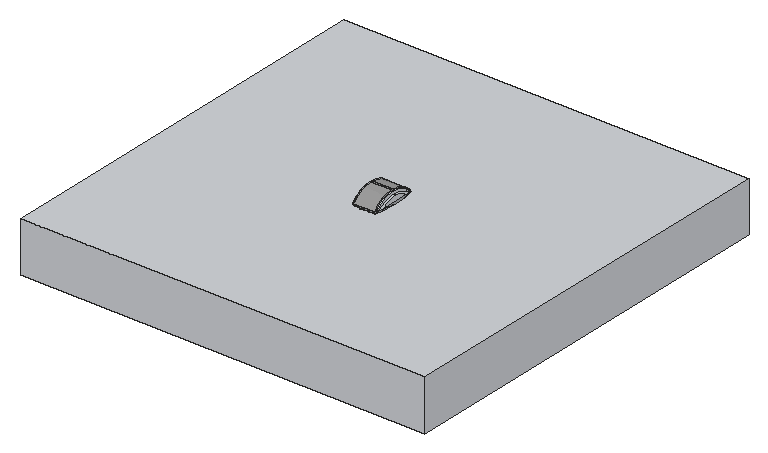
Revit family "r2016_omelta_ariya-ps-5", category Устройства вызова и оповещения, Revit 2016
Family settings
  Основа = Грань
  Сохранять ориентацию аннотаций = Да
  Тип детали = Нормальный
  Размер круглого соединителя = Использовать диаметр
  При загрузке вырезать с полостями = Нет
  Общий = Нет
  Точка расчета площади = Нет
Parameters (values of type "ariya-ps-5")
  Стоимость = 0
  Разработано = "«support@bimlib.ru»"  # constant formula
  Default Elevation = 2600 mm
  Изготовитель = "ООО «Электротехника и Автоматика»"  # constant formula
  Z [instance] = 1000 mm
  Y [instance] = 1100 mm
  X [instance] = 1000 mm
  URL = "https://omelta.com/store/93-ariya_10_5_vt/"
  ADSK_Этаж [instance] = ""
  ADSK_Ток = 0 A
  ADSK_Примечание [instance] = ""
  ADSK_Позиция [instance] = ""
  ADSK_Обозначение [instance] = "АРИЯ-ПС-5"
  ADSK_Номинальная мощность = ADSK_Напряжение * ADSK_Ток  # 0 VA
  ADSK_Напряжение = 100 V
  ADSK_Наименование [instance] = "Система речевого оповещателя, IP 31"
  ADSK_Масса [instance] = 0.5
  ADSK_Марка [instance] = ADSK_Обозначение  # "АРИЯ-ПС-5"
  ADSK_Коэффициент мощности = 0.96
  ADSK_Код изделия [instance] = "ТУ 4372-021-49518441-10"
  ADSK_Классификация нагрузок = none
  ADSK_Завод-изготовитель [instance] = "ООО «Электротехника и Автоматика»"  # constant formula
  ADSK_Единица измерения = "шт."
Reference planes
  plane 1 "По центру (Вперед/Назад)": y = 0
  plane 2: z = 0
  plane 3 "По центру (Влево/Вправо)": x = 0
  plane 4: y = 1000
  plane 5: z = -1000
  plane 6: x = 1000
Forms (mm)
  Extrusion 1, solid
    sketch origin (-0.8, 20.8, 0) x (1, 0, 0) y (0, 1, 0)
      loop
        line (-1219.2, 1219.2) -> (-1219.2, -1219.2) -> (1219.2, -1219.2) -> (1219.2, 1219.2) -> (-1219.2, 1219.2)
    from 0 to -304.8
  Blend 2, solid, detail levels medium+fine
    base sketch origin (-80.033, 133.927, 0) x (1, 0, 0) y (0, 1, 0)
      loop
        line (8.023, -49.804) -> (8.023, -133.991) -> (8.023, -218.177) -> (15.262, -256.501) -> (18.751, -259.991) -> (141.278, -259.991) -> (144.767, -256.501) -> (152.006, -218.177) -> (152.006, -133.991) -> (152.006, -49.804) -> (144.767, -11.48) -> (141.278, -7.991) -> (18.751, -7.991) -> (15.262, -11.48) -> (8.023, -49.804)
    top sketch origin (-80.033, 133.927, 0) x (1, 0, 0) y (0, 1, 0)
      loop
        line (0.023, -49.056) -> (0.023, -218.926) -> (7.859, -260.412) -> (15.438, -267.991) -> (144.591, -267.991) -> (152.17, -260.412) -> (160.006, -218.926) -> (160.006, -49.056) -> (152.17, -7.569) -> (144.591, 0.009) -> (15.438, 0.009) -> (7.859, -7.569) -> (0.023, -49.056)
    from 3 to 18
  Extrusion 3, solid, material "По умолчанию", detail levels medium+fine
    sketch origin (0, 4.096, 0) x (0, 1, 0) y (0, 0, 1)
      loop
        spline (129.968, 18) -> (116.376, 31.625) -> (106.153, 40.75) -> (98.32, 46.831) -> (91.907, 51.307) -> (86.131, 55.114) -> (80.419, 58.613) -> (74.213, 62.135) -> (66.91, 65.973) -> (57.453, 70.023) -> (44.513, 73.941) -> (26.756, 77.383) -> (2.85, 80)
        line (2.85, 80) -> (-11.031, 80)
        spline (-11.031, 80) -> (-34.938, 77.383) -> (-52.695, 73.941) -> (-65.635, 70.023) -> (-75.092, 65.973) -> (-82.395, 62.135) -> (-88.601, 58.613) -> (-94.312, 55.114) -> (-100.089, 51.307) -> (-106.502, 46.831) -> (-114.334, 40.75) -> (-124.558, 31.625) -> (-138.15, 18)
        line (-138.15, 18) -> (-4.091, 18) -> (129.968, 18)
    from -64.3 to 64.3
  Blend 4, solid, detail levels fine
    base sketch origin (0, 4.096, 0) x (0, 1, 0) y (0, 0, 1)
      loop
        line (-4.091, 18) -> (122.261, 18)
        spline (122.261, 18) -> (108.062, 31.496) -> (99.149, 38.955) -> (91.638, 44.484) -> (84.247, 49.219) -> (76.708, 53.194) -> (69.161, 56.615) -> (62.025, 59.81) -> (54.957, 62.965) -> (46.362, 66.021) -> (34.61, 68.877) -> (19.277, 71.102) -> (0.909, 72)
        line (0.909, 72) -> (-4.091, 72) -> (-9.091, 72)
        spline (-9.091, 72) -> (-27.477, 71.109) -> (-42.826, 68.888) -> (-54.59, 66.035) -> (-63.194, 62.979) -> (-70.27, 59.825) -> (-77.415, 56.629) -> (-84.97, 53.208) -> (-92.518, 49.233) -> (-99.918, 44.496) -> (-107.439, 38.965) -> (-116.364, 31.502) -> (-130.582, 18)
        line (-130.582, 18) -> (-4.091, 18)
    top sketch origin (0, 4.096, 0) x (0, 1, 0) y (0, 0, 1)
      loop
        line (2.85, 80) -> (-4.091, 80) -> (-11.031, 80)
        spline (-11.031, 80) -> (-34.938, 77.383) -> (-52.695, 73.941) -> (-65.635, 70.023) -> (-75.092, 65.973) -> (-82.395, 62.135) -> (-88.601, 58.613) -> (-94.312, 55.114) -> (-100.089, 51.307) -> (-106.502, 46.831) -> (-114.334, 40.75) -> (-124.558, 31.625) -> (-138.15, 18)
        line (-138.15, 18) -> (-4.091, 18) -> (129.968, 18)
        spline (129.968, 18) -> (116.376, 31.625) -> (106.153, 40.75) -> (98.32, 46.831) -> (91.907, 51.307) -> (86.131, 55.114) -> (80.419, 58.613) -> (74.213, 62.135) -> (66.91, 65.973) -> (57.453, 70.023) -> (44.513, 73.941) -> (26.756, 77.383) -> (2.85, 80)
    from -72.3 to -64.3
  Blend 5, solid, detail levels fine
    base sketch origin (0, 4.086, 0) x (0, 1, 0) y (0, 0, 1)
      loop
        line (-4.091, 18) -> (122.261, 18)
        spline (122.261, 18) -> (108.062, 31.496) -> (99.149, 38.955) -> (91.638, 44.484) -> (84.247, 49.219) -> (76.708, 53.194) -> (69.161, 56.615) -> (62.025, 59.81) -> (54.957, 62.965) -> (46.362, 66.021) -> (34.61, 68.877) -> (19.277, 71.102) -> (0.909, 72)
        line (0.909, 72) -> (-4.091, 72) -> (-9.091, 72)
        spline (-9.091, 72) -> (-27.477, 71.109) -> (-42.826, 68.888) -> (-54.59, 66.035) -> (-63.194, 62.979) -> (-70.27, 59.825) -> (-77.415, 56.629) -> (-84.97, 53.208) -> (-92.518, 49.233) -> (-99.918, 44.496) -> (-107.439, 38.965) -> (-116.364, 31.502) -> (-130.582, 18)
        line (-130.582, 18) -> (-4.091, 18)
    top sketch origin (0, 4.086, 0) x (0, 1, 0) y (0, 0, 1)
      loop
        line (2.85, 80) -> (-4.091, 80) -> (-11.031, 80)
        spline (-11.031, 80) -> (-34.938, 77.383) -> (-52.695, 73.941) -> (-65.635, 70.023) -> (-75.092, 65.973) -> (-82.395, 62.135) -> (-88.601, 58.613) -> (-94.312, 55.114) -> (-100.089, 51.307) -> (-106.502, 46.831) -> (-114.334, 40.75) -> (-124.558, 31.625) -> (-138.15, 18)
        line (-138.15, 18) -> (-4.091, 18) -> (129.968, 18)
        spline (129.968, 18) -> (116.376, 31.625) -> (106.153, 40.75) -> (98.32, 46.831) -> (91.907, 51.307) -> (86.131, 55.114) -> (80.419, 58.613) -> (74.213, 62.135) -> (66.91, 65.973) -> (57.453, 70.023) -> (44.513, 73.941) -> (26.756, 77.383) -> (2.85, 80)
    from 72.3 to 64.3
  Extrusion 6, solid, detail levels fine
    sketch origin (0, 4.096, 0) x (1, 0, 0) y (0, 1, 0)
      loop
        circle (-0.019, 102.84) r 6
      loop
        circle (44.981, -105.16) r 6
      loop
        circle (-45.019, -105.16) r 6
      loop
        circle (50.981, -1.16) r 6
      loop
        circle (-51.019, -1.16) r 6
    from 0 to 3
  Extrusion 7, solid, detail levels fine
    sketch origin (0, 4.096, 0) x (1, 0, 0) y (0, 1, 0)
      loop
        line (-0.019, -131.16) -> (27.981, -131.16) -> (27.981, -105.16) -> (-0.019, -105.16) -> (-28.019, -105.16) -> (-28.019, -131.16) -> (-0.019, -131.16)
    from 2 to 3
  Extrusion 8, solid, detail levels fine
    sketch origin (0, 4.096, 0) x (1, 0, 0) y (0, 1, 0)
      loop
        circle (23.481, -118.16) r 3.5
      loop
        circle (-23.519, -118.16) r 3.5
    from 0 to 2
  Blend 9, solid, detail levels fine
    base sketch origin (0.29, 4.088, 0) x (0, 1, 0) y (0, 0, 1)
      loop
        line (-4.091, 18) -> (80.783, 18)
        spline (80.783, 18) -> (70.891, 27.217) -> (64.734, 31.866) -> (59.975, 34.905) -> (55.561, 37.362) -> (50.889, 39.69) -> (45.994, 41.919) -> (41.076, 43.957) -> (35.858, 45.883) -> (29.751, 47.888) -> (22.09, 50.095) -> (11.857, 52.255) -> (-2.083, 54)
        line (-2.083, 54) -> (-4.083, 54) -> (-6.083, 54)
        spline (-6.083, 54) -> (-20.023, 52.255) -> (-30.256, 50.095) -> (-37.917, 47.888) -> (-44.024, 45.883) -> (-49.242, 43.957) -> (-54.16, 41.919) -> (-59.055, 39.69) -> (-63.727, 37.362) -> (-68.141, 34.905) -> (-72.9, 31.866) -> (-79.057, 27.217) -> (-88.949, 18)
        line (-88.949, 18) -> (-4.091, 18)
    top sketch origin (0.29, 4.088, 0) x (0, 1, 0) y (0, 0, 1)
      loop
        line (-4.093, 18) -> (122.259, 18)
        spline (122.259, 18) -> (110.084, 25.566) -> (98.824, 31.719) -> (88.841, 36.798) -> (80.211, 41.09) -> (72.475, 44.787) -> (65.117, 48.072) -> (57.645, 51.112) -> (49.651, 54.028) -> (40.745, 56.929) -> (30.363, 59.805) -> (17.125, 62.077) -> (-0.589, 63)
        line (-0.589, 63) -> (-4.085, 63) -> (-7.581, 63)
        spline (-7.581, 63) -> (-25.295, 62.077) -> (-38.533, 59.805) -> (-48.915, 56.929) -> (-57.821, 54.028) -> (-65.815, 51.112) -> (-73.287, 48.072) -> (-80.645, 44.787) -> (-88.381, 41.09) -> (-97.011, 36.798) -> (-106.994, 31.719) -> (-118.254, 25.566) -> (-130.429, 18)
        line (-130.429, 18) -> (-4.093, 18)
    from -80.3 to -72.3
  Blend 10, solid, detail levels fine
    base sketch origin (0.29, 4.088, 0) x (0, 1, 0) y (0, 0, 1)
      loop
        line (-4.091, 18) -> (80.783, 18)
        spline (80.783, 18) -> (70.891, 27.217) -> (64.734, 31.866) -> (59.975, 34.905) -> (55.561, 37.362) -> (50.889, 39.69) -> (45.994, 41.919) -> (41.076, 43.957) -> (35.858, 45.883) -> (29.751, 47.888) -> (22.09, 50.095) -> (11.857, 52.255) -> (-2.083, 54)
        line (-2.083, 54) -> (-4.083, 54) -> (-6.083, 54)
        spline (-6.083, 54) -> (-20.023, 52.255) -> (-30.256, 50.095) -> (-37.917, 47.888) -> (-44.024, 45.883) -> (-49.242, 43.957) -> (-54.16, 41.919) -> (-59.055, 39.69) -> (-63.727, 37.362) -> (-68.141, 34.905) -> (-72.9, 31.866) -> (-79.057, 27.217) -> (-88.949, 18)
        line (-88.949, 18) -> (-4.091, 18)
    top sketch origin (0.29, 4.088, 0) x (0, 1, 0) y (0, 0, 1)
      loop
        line (-4.093, 18) -> (122.259, 18)
        spline (122.259, 18) -> (110.084, 25.566) -> (98.824, 31.719) -> (88.841, 36.798) -> (80.211, 41.09) -> (72.475, 44.787) -> (65.117, 48.072) -> (57.645, 51.112) -> (49.651, 54.028) -> (40.745, 56.929) -> (30.363, 59.805) -> (17.125, 62.077) -> (-0.589, 63)
        line (-0.589, 63) -> (-4.085, 63) -> (-7.581, 63)
        spline (-7.581, 63) -> (-25.295, 62.077) -> (-38.533, 59.805) -> (-48.915, 56.929) -> (-57.821, 54.028) -> (-65.815, 51.112) -> (-73.287, 48.072) -> (-80.645, 44.787) -> (-88.381, 41.09) -> (-97.011, 36.798) -> (-106.994, 31.719) -> (-118.254, 25.566) -> (-130.429, 18)
        line (-130.429, 18) -> (-4.093, 18)
    from 80.3 to 72.3
  Blend 11, solid, not visible, detail levels medium+fine
    base sketch origin (-80.033, 133.927, 0) x (1, 0, 0) y (0, 1, 0)
      loop
        line (8.023, -49.804) -> (8.023, -133.991) -> (8.023, -218.177) -> (15.262, -256.501) -> (18.751, -259.991) -> (141.278, -259.991) -> (144.767, -256.501) -> (152.006, -218.177) -> (152.006, -133.991) -> (152.006, -49.804) -> (144.767, -11.48) -> (141.278, -7.991) -> (18.751, -7.991) -> (15.262, -11.48) -> (8.023, -49.804)
    top sketch origin (-80.033, 133.927, 0) x (1, 0, 0) y (0, 1, 0)
      loop
        line (0.023, -49.056) -> (0.023, -218.926) -> (7.859, -260.412) -> (15.438, -267.991) -> (144.591, -267.991) -> (152.17, -260.412) -> (160.006, -218.926) -> (160.006, -49.056) -> (152.17, -7.569) -> (144.591, 0.009) -> (15.438, 0.009) -> (7.859, -7.569) -> (0.023, -49.056)
    from 3 to 18
  Extrusion 12, solid, material "По умолчанию", not visible, detail levels medium+fine
    sketch origin (0, 4.096, 0) x (0, 1, 0) y (0, 0, 1)
      loop
        spline (129.968, 18) -> (116.376, 31.625) -> (106.153, 40.75) -> (98.32, 46.831) -> (91.907, 51.307) -> (86.131, 55.114) -> (80.419, 58.613) -> (74.213, 62.135) -> (66.91, 65.973) -> (57.453, 70.023) -> (44.513, 73.941) -> (26.756, 77.383) -> (2.85, 80)
        line (2.85, 80) -> (-11.031, 80)
        spline (-11.031, 80) -> (-34.938, 77.383) -> (-52.695, 73.941) -> (-65.635, 70.023) -> (-75.092, 65.973) -> (-82.395, 62.135) -> (-88.601, 58.613) -> (-94.312, 55.114) -> (-100.089, 51.307) -> (-106.502, 46.831) -> (-114.334, 40.75) -> (-124.558, 31.625) -> (-138.15, 18)
        line (-138.15, 18) -> (-4.091, 18) -> (129.968, 18)
    from -64.3 to 64.3
  Blend 13, solid, not visible, detail levels fine
    base sketch origin (0, 4.096, 0) x (0, 1, 0) y (0, 0, 1)
      loop
        line (-4.091, 18) -> (122.261, 18)
        spline (122.261, 18) -> (108.062, 31.496) -> (99.149, 38.955) -> (91.638, 44.484) -> (84.247, 49.219) -> (76.708, 53.194) -> (69.161, 56.615) -> (62.025, 59.81) -> (54.957, 62.965) -> (46.362, 66.021) -> (34.61, 68.877) -> (19.277, 71.102) -> (0.909, 72)
        line (0.909, 72) -> (-4.091, 72) -> (-9.091, 72)
        spline (-9.091, 72) -> (-27.477, 71.109) -> (-42.826, 68.888) -> (-54.59, 66.035) -> (-63.194, 62.979) -> (-70.27, 59.825) -> (-77.415, 56.629) -> (-84.97, 53.208) -> (-92.518, 49.233) -> (-99.918, 44.496) -> (-107.439, 38.965) -> (-116.364, 31.502) -> (-130.582, 18)
        line (-130.582, 18) -> (-4.091, 18)
    top sketch origin (0, 4.096, 0) x (0, 1, 0) y (0, 0, 1)
      loop
        line (2.85, 80) -> (-4.091, 80) -> (-11.031, 80)
        spline (-11.031, 80) -> (-34.938, 77.383) -> (-52.695, 73.941) -> (-65.635, 70.023) -> (-75.092, 65.973) -> (-82.395, 62.135) -> (-88.601, 58.613) -> (-94.312, 55.114) -> (-100.089, 51.307) -> (-106.502, 46.831) -> (-114.334, 40.75) -> (-124.558, 31.625) -> (-138.15, 18)
        line (-138.15, 18) -> (-4.091, 18) -> (129.968, 18)
        spline (129.968, 18) -> (116.376, 31.625) -> (106.153, 40.75) -> (98.32, 46.831) -> (91.907, 51.307) -> (86.131, 55.114) -> (80.419, 58.613) -> (74.213, 62.135) -> (66.91, 65.973) -> (57.453, 70.023) -> (44.513, 73.941) -> (26.756, 77.383) -> (2.85, 80)
    from -72.3 to -64.3
  Blend 14, solid, not visible, detail levels fine
    base sketch origin (0, 4.086, 0) x (0, 1, 0) y (0, 0, 1)
      loop
        line (-4.091, 18) -> (122.261, 18)
        spline (122.261, 18) -> (108.062, 31.496) -> (99.149, 38.955) -> (91.638, 44.484) -> (84.247, 49.219) -> (76.708, 53.194) -> (69.161, 56.615) -> (62.025, 59.81) -> (54.957, 62.965) -> (46.362, 66.021) -> (34.61, 68.877) -> (19.277, 71.102) -> (0.909, 72)
        line (0.909, 72) -> (-4.091, 72) -> (-9.091, 72)
        spline (-9.091, 72) -> (-27.477, 71.109) -> (-42.826, 68.888) -> (-54.59, 66.035) -> (-63.194, 62.979) -> (-70.27, 59.825) -> (-77.415, 56.629) -> (-84.97, 53.208) -> (-92.518, 49.233) -> (-99.918, 44.496) -> (-107.439, 38.965) -> (-116.364, 31.502) -> (-130.582, 18)
        line (-130.582, 18) -> (-4.091, 18)
    top sketch origin (0, 4.086, 0) x (0, 1, 0) y (0, 0, 1)
      loop
        line (2.85, 80) -> (-4.091, 80) -> (-11.031, 80)
        spline (-11.031, 80) -> (-34.938, 77.383) -> (-52.695, 73.941) -> (-65.635, 70.023) -> (-75.092, 65.973) -> (-82.395, 62.135) -> (-88.601, 58.613) -> (-94.312, 55.114) -> (-100.089, 51.307) -> (-106.502, 46.831) -> (-114.334, 40.75) -> (-124.558, 31.625) -> (-138.15, 18)
        line (-138.15, 18) -> (-4.091, 18) -> (129.968, 18)
        spline (129.968, 18) -> (116.376, 31.625) -> (106.153, 40.75) -> (98.32, 46.831) -> (91.907, 51.307) -> (86.131, 55.114) -> (80.419, 58.613) -> (74.213, 62.135) -> (66.91, 65.973) -> (57.453, 70.023) -> (44.513, 73.941) -> (26.756, 77.383) -> (2.85, 80)
    from 72.3 to 64.3
  Extrusion 15, solid, not visible, detail levels fine
    sketch origin (0, 4.096, 0) x (1, 0, 0) y (0, 1, 0)
      loop
        circle (-0.019, 102.84) r 6
      loop
        circle (44.981, -105.16) r 6
      loop
        circle (-45.019, -105.16) r 6
      loop
        circle (50.981, -1.16) r 6
      loop
        circle (-51.019, -1.16) r 6
    from 0 to 3
  Extrusion 16, solid, not visible, detail levels fine
    sketch origin (0, 4.096, 0) x (1, 0, 0) y (0, 1, 0)
      loop
        line (-0.019, -131.16) -> (27.981, -131.16) -> (27.981, -105.16) -> (-0.019, -105.16) -> (-28.019, -105.16) -> (-28.019, -131.16) -> (-0.019, -131.16)
    from 2 to 3
  Extrusion 17, solid, not visible, detail levels fine
    sketch origin (0, 4.096, 0) x (1, 0, 0) y (0, 1, 0)
      loop
        circle (23.481, -118.16) r 3.5
      loop
        circle (-23.519, -118.16) r 3.5
    from 0 to 2
  Blend 18, solid, not visible, detail levels fine
    base sketch origin (0.29, 4.088, 0) x (0, 1, 0) y (0, 0, 1)
      loop
        line (-4.091, 18) -> (80.783, 18)
        spline (80.783, 18) -> (70.891, 27.217) -> (64.734, 31.866) -> (59.975, 34.905) -> (55.561, 37.362) -> (50.889, 39.69) -> (45.994, 41.919) -> (41.076, 43.957) -> (35.858, 45.883) -> (29.751, 47.888) -> (22.09, 50.095) -> (11.857, 52.255) -> (-2.083, 54)
        line (-2.083, 54) -> (-4.083, 54) -> (-6.083, 54)
        spline (-6.083, 54) -> (-20.023, 52.255) -> (-30.256, 50.095) -> (-37.917, 47.888) -> (-44.024, 45.883) -> (-49.242, 43.957) -> (-54.16, 41.919) -> (-59.055, 39.69) -> (-63.727, 37.362) -> (-68.141, 34.905) -> (-72.9, 31.866) -> (-79.057, 27.217) -> (-88.949, 18)
        line (-88.949, 18) -> (-4.091, 18)
    top sketch origin (0.29, 4.088, 0) x (0, 1, 0) y (0, 0, 1)
      loop
        line (-4.093, 18) -> (122.259, 18)
        spline (122.259, 18) -> (110.084, 25.566) -> (98.824, 31.719) -> (88.841, 36.798) -> (80.211, 41.09) -> (72.475, 44.787) -> (65.117, 48.072) -> (57.645, 51.112) -> (49.651, 54.028) -> (40.745, 56.929) -> (30.363, 59.805) -> (17.125, 62.077) -> (-0.589, 63)
        line (-0.589, 63) -> (-4.085, 63) -> (-7.581, 63)
        spline (-7.581, 63) -> (-25.295, 62.077) -> (-38.533, 59.805) -> (-48.915, 56.929) -> (-57.821, 54.028) -> (-65.815, 51.112) -> (-73.287, 48.072) -> (-80.645, 44.787) -> (-88.381, 41.09) -> (-97.011, 36.798) -> (-106.994, 31.719) -> (-118.254, 25.566) -> (-130.429, 18)
        line (-130.429, 18) -> (-4.093, 18)
    from -80.3 to -72.3
  Blend 19, solid, not visible, detail levels fine
    base sketch origin (0.29, 4.088, 0) x (0, 1, 0) y (0, 0, 1)
      loop
        line (-4.091, 18) -> (80.783, 18)
        spline (80.783, 18) -> (70.891, 27.217) -> (64.734, 31.866) -> (59.975, 34.905) -> (55.561, 37.362) -> (50.889, 39.69) -> (45.994, 41.919) -> (41.076, 43.957) -> (35.858, 45.883) -> (29.751, 47.888) -> (22.09, 50.095) -> (11.857, 52.255) -> (-2.083, 54)
        line (-2.083, 54) -> (-4.083, 54) -> (-6.083, 54)
        spline (-6.083, 54) -> (-20.023, 52.255) -> (-30.256, 50.095) -> (-37.917, 47.888) -> (-44.024, 45.883) -> (-49.242, 43.957) -> (-54.16, 41.919) -> (-59.055, 39.69) -> (-63.727, 37.362) -> (-68.141, 34.905) -> (-72.9, 31.866) -> (-79.057, 27.217) -> (-88.949, 18)
        line (-88.949, 18) -> (-4.091, 18)
    top sketch origin (0.29, 4.088, 0) x (0, 1, 0) y (0, 0, 1)
      loop
        line (-4.093, 18) -> (122.259, 18)
        spline (122.259, 18) -> (110.084, 25.566) -> (98.824, 31.719) -> (88.841, 36.798) -> (80.211, 41.09) -> (72.475, 44.787) -> (65.117, 48.072) -> (57.645, 51.112) -> (49.651, 54.028) -> (40.745, 56.929) -> (30.363, 59.805) -> (17.125, 62.077) -> (-0.589, 63)
        line (-0.589, 63) -> (-4.085, 63) -> (-7.581, 63)
        spline (-7.581, 63) -> (-25.295, 62.077) -> (-38.533, 59.805) -> (-48.915, 56.929) -> (-57.821, 54.028) -> (-65.815, 51.112) -> (-73.287, 48.072) -> (-80.645, 44.787) -> (-88.381, 41.09) -> (-97.011, 36.798) -> (-106.994, 31.719) -> (-118.254, 25.566) -> (-130.429, 18)
        line (-130.429, 18) -> (-4.093, 18)
    from 80.3 to 72.3
Lines and regions (mm)
  reference lines
    curve 1: line (-98.995, 0, 0) -> (98.995, 0, 0)
    curve 20: line (184.289, 0, 34.666) -> (464.289, 0, 34.666)
    curve 21: line (0, 0, 100) -> (0, 0, 200)
    curve 22: line (-34, 0, 100) -> (64.076, 0, 100)
  model lines, not visible, detail levels coarse
    curve 2: line (84.943, 0, 64.038) -> (-74.981, 0, 64.038)
    curve 3: line (-74.981, 0, 64.038) -> (-29.019, 0, 18.076)
    curve 4: line (-29.019, 0, 18.076) -> (-29.019, 0, 0)
    curve 5: line (-29.019, 0, 0) -> (38.981, 0, 0)
    curve 6: line (38.981, 0, 0) -> (38.981, 0, 18.076)
    curve 7: line (-29.019, 0, 18.076) -> (38.981, 0, 18.076)
    curve 8: line (38.981, 0, 18.076) -> (84.943, 0, 64.038)
  model lines, style "InvisibleLines", not visible, detail levels coarse
    curve 9: line (4.981, 0, 64.038) -> (4.981, 0, 0)
    curve 10: line (52.924, 0, 0) -> (-42.962, 0, 0)
    curve 18: line (0, 0, 164.038) -> (0, 0, 100)
    curve 19: line (47.943, 0, 100) -> (-47.943, 0, 100)
  model lines, detail levels coarse
    curve 11: line (79.962, 0, 164.038) -> (-79.962, 0, 164.038)
    curve 12: line (-79.962, 0, 164.038) -> (-34, 0, 118.076)
    curve 13: line (-34, 0, 118.076) -> (-34, 0, 100)
    curve 14: line (-34, 0, 100) -> (34, 0, 100)
    curve 15: line (34, 0, 100) -> (34, 0, 118.076)
    curve 16: line (-34, 0, 118.076) -> (34, 0, 118.076)
    curve 17: line (34, 0, 118.076) -> (79.962, 0, 164.038)
Dimensions and locks
  "Z": curve 20 to plane 4
  "Y": curve 22 to plane 5
  "X": plane 6 to curve 21
  aligned and locked: plane 2 to Extrusion 1
  aligned and locked: level to Extrusion 1
  aligned and locked: curve 11 to curve 20
  aligned and locked: curve 22 to curve 19
  aligned and locked: curve 21 to curve 18
Automatic sketch dimensions
  Extrusion 1 sketch curve to Extrusion 1 sketch curve = 2438.4 mm  (x2)
  curve 11 to curve 12 = 45.962 mm
  curve 12 to curve 16 = 68 mm
  curve 15 to curve 11 = 45.962 mm
  curve 13 to curve 13 = 18.076 mm
  curve 12 to curve 12 = 45.962 mm
  curve 19 to curve 13 = 13.943 mm
  curve 13 to curve 18 = 34 mm
  curve 14 to curve 19 = 13.943 mm
  curve 19 to curve 14 = 0 mm
  curve 2 to curve 3 = 45.962 mm
  curve 3 to curve 7 = 68 mm
  curve 6 to curve 2 = 45.962 mm
  curve 4 to curve 4 = 18.076 mm
  curve 3 to curve 3 = 45.962 mm
  curve 10 to curve 4 = 13.943 mm
  curve 4 to curve 9 = 34 mm
  curve 5 to curve 10 = 13.943 mm
  curve 10 to curve 5 = 0 mm
  Blend 2 sketch curve to Blend 2 sketch curve = 7.239 mm  (x3)
  Blend 2 sketch curve to Blend 2 sketch curve = 3.49 mm  (x7)
  Blend 2 sketch curve to Blend 2 sketch curve = 122.526 mm  (x2)
  Blend 2 sketch curve to Blend 2 sketch curve = 38.324 mm  (x4)
  Blend 2 sketch curve to Blend 2 sketch curve = 84.186 mm  (x4)
  Blend 2 sketch curve to Blend 2 sketch curve = 7.836 mm  (x3)
  Blend 2 sketch curve to Blend 2 sketch curve = 7.579 mm  (x7)
  Blend 2 sketch curve to Blend 2 sketch curve = 129.154 mm  (x2)
  Blend 2 sketch curve to Blend 2 sketch curve = 41.486 mm  (x4)
  Blend 2 sketch curve to Blend 2 sketch curve = 169.871 mm
  Blend 2 sketch curve to Blend 2 sketch curve = 0 mm
  Extrusion 3 sketch curve to Extrusion 3 sketch curve = 127.119 mm
  Extrusion 3 sketch curve to Extrusion 3 sketch curve = 6.941 mm
  Extrusion 3 sketch curve to Extrusion 3 sketch curve = 13.881 mm
  Extrusion 3 sketch curve to Extrusion 3 sketch curve = 134.059 mm
  Extrusion 3 sketch curve to Extrusion 3 sketch curve = 62 mm
  Blend 4 sketch curve to Blend 4 sketch curve = 121.491 mm
  Blend 4 sketch curve to Blend 4 sketch curve = 5 mm  (x2)
  Blend 4 sketch curve to Blend 4 sketch curve = 0 mm  (x2)
  Blend 4 sketch curve to Blend 4 sketch curve = 126.352 mm
  Blend 4 sketch curve to Blend 4 sketch curve = 54 mm
  Blend 4 sketch curve to Blend 4 sketch curve = 127.119 mm
  Blend 4 sketch curve to Blend 4 sketch curve = 6.941 mm  (x2)
  Blend 4 sketch curve to Blend 4 sketch curve = 134.059 mm
  Blend 4 sketch curve to Blend 4 sketch curve = 62 mm
  Blend 5 sketch curve to Blend 5 sketch curve = 121.491 mm
  Blend 5 sketch curve to Blend 5 sketch curve = 5 mm  (x2)
  Blend 5 sketch curve to Blend 5 sketch curve = 0 mm  (x2)
  Blend 5 sketch curve to Blend 5 sketch curve = 126.352 mm
  Blend 5 sketch curve to Blend 5 sketch curve = 54 mm
  Blend 5 sketch curve to Blend 5 sketch curve = 127.119 mm
  Blend 5 sketch curve to Blend 5 sketch curve = 6.941 mm  (x2)
  Blend 5 sketch curve to Blend 5 sketch curve = 134.059 mm
  Blend 5 sketch curve to Blend 5 sketch curve = 62 mm
  Extrusion 6 sketch curve to Extrusion 6 sketch curve = 6 mm
  Extrusion 6 sketch curve to Extrusion 6 sketch curve = 51 mm
  Extrusion 6 sketch curve to Extrusion 6 sketch curve = 90 mm
  Extrusion 6 sketch curve to Extrusion 6 sketch curve = 102 mm
  Extrusion 6 sketch curve to Extrusion 6 sketch curve = 0 mm  (x2)
  Extrusion 6 sketch curve to Extrusion 6 sketch curve = 104 mm  (x2)
  Extrusion 7 sketch curve to Extrusion 7 sketch curve = 28 mm  (x2)
  Extrusion 7 sketch curve to Extrusion 7 sketch curve = 0 mm
  Extrusion 7 sketch curve to Extrusion 7 sketch curve = 26 mm
  Extrusion 8 sketch curve to Extrusion 8 sketch curve = 47 mm
  Extrusion 8 sketch curve to Extrusion 8 sketch curve = 0 mm
  Blend 9 sketch curve to Blend 9 sketch curve = 82.866 mm
  Blend 9 sketch curve to Blend 9 sketch curve = 1.992 mm
  Blend 9 sketch curve to Blend 9 sketch curve = 2 mm  (x2)
  Blend 9 sketch curve to Blend 9 sketch curve = 84.874 mm
  Blend 9 sketch curve to Blend 9 sketch curve = 36 mm
  Blend 9 sketch curve to Blend 9 sketch curve = 122.848 mm
  Blend 9 sketch curve to Blend 9 sketch curve = 3.488 mm
  Blend 9 sketch curve to Blend 9 sketch curve = 3.496 mm  (x2)
  Blend 9 sketch curve to Blend 9 sketch curve = 126.352 mm
  Blend 9 sketch curve to Blend 9 sketch curve = 45 mm
  Blend 10 sketch curve to Blend 10 sketch curve = 82.866 mm
  Blend 10 sketch curve to Blend 10 sketch curve = 1.992 mm
  Blend 10 sketch curve to Blend 10 sketch curve = 2 mm  (x2)
  Blend 10 sketch curve to Blend 10 sketch curve = 84.874 mm
  Blend 10 sketch curve to Blend 10 sketch curve = 36 mm
  Blend 10 sketch curve to Blend 10 sketch curve = 122.848 mm
  Blend 10 sketch curve to Blend 10 sketch curve = 3.488 mm
  Blend 10 sketch curve to Blend 10 sketch curve = 3.496 mm  (x2)
  Blend 10 sketch curve to Blend 10 sketch curve = 126.352 mm
  Blend 10 sketch curve to Blend 10 sketch curve = 45 mm
  Blend 11 sketch curve to Blend 11 sketch curve = 7.239 mm  (x3)
  Blend 11 sketch curve to Blend 11 sketch curve = 3.49 mm  (x7)
  Blend 11 sketch curve to Blend 11 sketch curve = 122.526 mm  (x2)
  Blend 11 sketch curve to Blend 11 sketch curve = 38.324 mm  (x4)
  Blend 11 sketch curve to Blend 11 sketch curve = 84.186 mm  (x4)
  Blend 11 sketch curve to Blend 11 sketch curve = 7.836 mm  (x3)
  Blend 11 sketch curve to Blend 11 sketch curve = 7.579 mm  (x7)
  Blend 11 sketch curve to Blend 11 sketch curve = 129.154 mm  (x2)
  Blend 11 sketch curve to Blend 11 sketch curve = 41.486 mm  (x4)
  Blend 11 sketch curve to Blend 11 sketch curve = 169.871 mm
  Blend 11 sketch curve to Blend 11 sketch curve = 0 mm
  Extrusion 12 sketch curve to Extrusion 12 sketch curve = 127.119 mm
  Extrusion 12 sketch curve to Extrusion 12 sketch curve = 6.941 mm
  Extrusion 12 sketch curve to Extrusion 12 sketch curve = 13.881 mm
  Extrusion 12 sketch curve to Extrusion 12 sketch curve = 134.059 mm
  Extrusion 12 sketch curve to Extrusion 12 sketch curve = 62 mm
  Blend 13 sketch curve to Blend 13 sketch curve = 121.491 mm
  Blend 13 sketch curve to Blend 13 sketch curve = 5 mm  (x2)
  Blend 13 sketch curve to Blend 13 sketch curve = 0 mm  (x2)
  Blend 13 sketch curve to Blend 13 sketch curve = 126.352 mm
  Blend 13 sketch curve to Blend 13 sketch curve = 54 mm
  Blend 13 sketch curve to Blend 13 sketch curve = 127.119 mm
  Blend 13 sketch curve to Blend 13 sketch curve = 6.941 mm  (x2)
  Blend 13 sketch curve to Blend 13 sketch curve = 134.059 mm
  Blend 13 sketch curve to Blend 13 sketch curve = 62 mm
  Blend 14 sketch curve to Blend 14 sketch curve = 121.491 mm
  Blend 14 sketch curve to Blend 14 sketch curve = 5 mm  (x2)
  Blend 14 sketch curve to Blend 14 sketch curve = 0 mm  (x2)
  Blend 14 sketch curve to Blend 14 sketch curve = 126.352 mm
  Blend 14 sketch curve to Blend 14 sketch curve = 54 mm
  Blend 14 sketch curve to Blend 14 sketch curve = 127.119 mm
  Blend 14 sketch curve to Blend 14 sketch curve = 6.941 mm  (x2)
  Blend 14 sketch curve to Blend 14 sketch curve = 134.059 mm
  Blend 14 sketch curve to Blend 14 sketch curve = 62 mm
  Extrusion 15 sketch curve to Extrusion 15 sketch curve = 6 mm
  Extrusion 15 sketch curve to Extrusion 15 sketch curve = 51 mm
  Extrusion 15 sketch curve to Extrusion 15 sketch curve = 90 mm
  Extrusion 15 sketch curve to Extrusion 15 sketch curve = 102 mm
  Extrusion 15 sketch curve to Extrusion 15 sketch curve = 0 mm  (x2)
  Extrusion 15 sketch curve to Extrusion 15 sketch curve = 104 mm  (x2)
  Extrusion 16 sketch curve to Extrusion 16 sketch curve = 28 mm  (x2)
  Extrusion 16 sketch curve to Extrusion 16 sketch curve = 0 mm
  Extrusion 16 sketch curve to Extrusion 16 sketch curve = 26 mm
  Extrusion 17 sketch curve to Extrusion 17 sketch curve = 47 mm
  Extrusion 17 sketch curve to Extrusion 17 sketch curve = 0 mm
  Blend 18 sketch curve to Blend 18 sketch curve = 82.866 mm
  Blend 18 sketch curve to Blend 18 sketch curve = 1.992 mm
  Blend 18 sketch curve to Blend 18 sketch curve = 2 mm  (x2)
  Blend 18 sketch curve to Blend 18 sketch curve = 84.874 mm
  Blend 18 sketch curve to Blend 18 sketch curve = 36 mm
  Blend 18 sketch curve to Blend 18 sketch curve = 122.848 mm
  Blend 18 sketch curve to Blend 18 sketch curve = 3.488 mm
  Blend 18 sketch curve to Blend 18 sketch curve = 3.496 mm  (x2)
  Blend 18 sketch curve to Blend 18 sketch curve = 126.352 mm
  Blend 18 sketch curve to Blend 18 sketch curve = 45 mm
  Blend 19 sketch curve to Blend 19 sketch curve = 82.866 mm
  Blend 19 sketch curve to Blend 19 sketch curve = 1.992 mm
  Blend 19 sketch curve to Blend 19 sketch curve = 2 mm  (x2)
  Blend 19 sketch curve to Blend 19 sketch curve = 84.874 mm
  Blend 19 sketch curve to Blend 19 sketch curve = 36 mm
  Blend 19 sketch curve to Blend 19 sketch curve = 122.848 mm
  Blend 19 sketch curve to Blend 19 sketch curve = 3.488 mm
  Blend 19 sketch curve to Blend 19 sketch curve = 3.496 mm  (x2)
  Blend 19 sketch curve to Blend 19 sketch curve = 126.352 mm
  Blend 19 sketch curve to Blend 19 sketch curve = 45 mm
  plane 3 "По центру (Влево/Вправо)" to curve 20 = 184.289 mm
  curve 20 to curve 20 = 280 mm
  curve 1 to level = 0 mm
  curve 22 to curve 21 = 34 mm
  curve 1 to plane 3 "По центру (Влево/Вправо)" = 98.995 mm
  plane 3 "По центру (Влево/Вправо)" to curve 22 = 64.076 mm
  plane 3 "По центру (Влево/Вправо)" to curve 1 = 98.995 mm
  curve 21 to curve 21 = 100 mm
  radius of Extrusion 6 sketch curve = 6 mm  (x5)
  radius of Extrusion 8 sketch curve = 3.5 mm  (x2)
  radius of Extrusion 15 sketch curve = 6 mm  (x5)
  radius of Extrusion 17 sketch curve = 3.5 mm  (x2)
Connectors
  electrical at (-0.019, -0.064, 3)
    settings: on Blend 2, index 1, voltage 0 V, apparent load 0 VA, apparent load phase1 0 VA, apparent load phase2 0 VA, apparent load phase3 0 VA, power factor 1, load classification "Прочее", number of poles 1, system type 12, power factor state 1, is connector primary yes, connector utility yes, sub classification motor no, connector description ""
